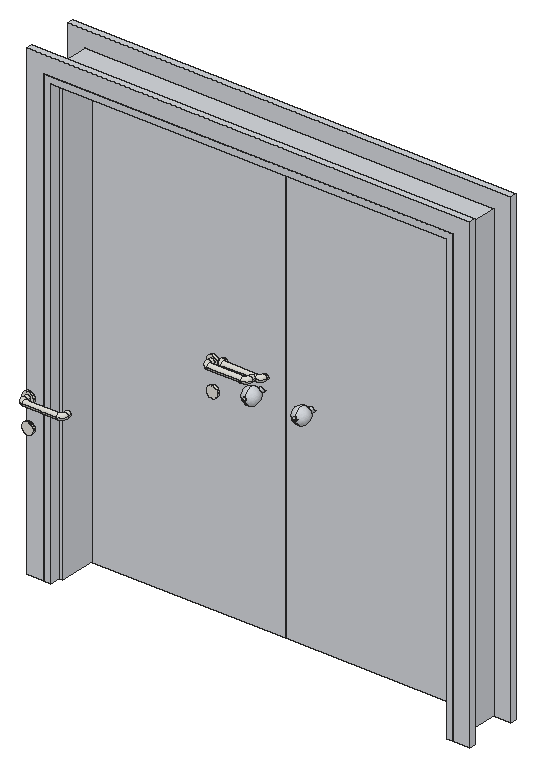
Revit family
Parameters
  프레임 투영 외부 = 25 mm
  프레임 투영 내부 = 25 mm
  프레임 폭 = 75 mm
  창호부호 = "SD"
  문틀재료 = "1.6 ST'L EGI PL\r\n"
  문틀마감 = "조합페인트"
  문짝재료 = "1.2mm ST'L EGI PL  양면\r\n"
  문짝마감 = "정전분체도장"
  문번호 = "2"
  Height = 2000 mm
  Wall Closure = (empty or 0)
  Width = 1800 mm
  Function = (empty or 0)
  Assembly Code = ""
Reference planes
  plane 1: y = 0
  plane 2 "중심(왼쪽/오른쪽)": x = 0
  plane 3 "왼쪽": x = -900
  plane 4 "오른쪽": x = 900
  plane 5: z = 2000
  plane 6 "외부": y = 100
  plane 7 "내부": y = -100
  plane 8 "축": x = 110
  plane 9: z = 940
  plane 10: y = 75
  plane 11: y = -75
  plane 12: x = -110
  plane 13: z = 940
Forms (mm)
  Extrusion 1, solid
    sketch origin (-3050, -100, 0) x (1, 0, 0) y (0, 0, 1)
      loop
        line (2075, 0) -> (2150, 0) -> (2150, 2000) -> (3950, 2000) -> (3950, 0) -> (4025, 0) -> (4025, 2075) -> (2075, 2075) -> (2075, 0)
    from 0 to 25
  Extrusion 2, solid
    sketch origin (-3050, 100, 0) x (-1, 0, 0) y (0, 0, 1)
      loop
        line (-2150, 0) -> (-2075, 0) -> (-2075, 2075) -> (-4025, 2075) -> (-4025, 0) -> (-3950, 0) -> (-3950, 2000) -> (-2150, 2000) -> (-2150, 0)
    from 0 to 25
  Sweep 3, solid
    path origin (0, -100, 0) x (1, 0, 0) y (0, 0, 1)
      loop
        line (-900, 0) -> (-900, 2000) -> (900, 2000) -> (900, 0)
    profile origin (-900, -100, 1000) x (-1, 0, 0) y (0, -1, 0)
      loop
        line (0, 25) -> (-30, 25) -> (-30, -20) -> (-45, -20) -> (-45, -180) -> (-30, -180) -> (-30, -225) -> (0, -225) -> (0, 25)
  Extrusion 4, solid
    sketch origin (0, 0, 0) x (1, 0, 0) y (0, 1, 0)
      loop
        line (0, 80) -> (870, 80) -> (870, 120) -> (0, 120) -> (0, 80)
    from 0 to 1970
  Revolve 5, solid
    sketch origin (110, -5, 0) x (0, -1, 0) y (0, 0, 1)
      loop
        arc (-144.576, 952.903) -> (-179.211, 974.937) -> (-210.957, 948.912) r 35
        line (-210.957, 948.912) -> (-207.421, 945.376) -> (-207.421, 940) -> (-2.579, 940) -> (-2.579, 945.376) -> (0.957, 948.912)
        arc (0.957, 948.912) -> (-30.789, 974.937) -> (-65.424, 952.903) r 35
        line (-65.424, 952.903) -> (-144.576, 952.903)
      axis (0.957, 940) -> (-210.957, 940)
    angle from 0 to 360
  Revolve 6, solid
    sketch origin (-110, -5, 0) x (0, -1, 0) y (0, 0, -1)
      loop
        line (-144.576, -952.903) -> (-65.424, -952.903)
        arc (-65.424, -952.903) -> (-30.789, -974.937) -> (0.957, -948.912) r 35
        line (0.957, -948.912) -> (-2.579, -945.376) -> (-2.579, -940) -> (-207.421, -940) -> (-207.421, -945.376) -> (-210.957, -948.912)
        arc (-210.957, -948.912) -> (-179.211, -974.937) -> (-144.576, -952.903) r 35
      axis (0.957, -940) -> (-210.957, -940)
    angle from 0 to 360
  Extrusion 7, solid
    sketch origin (0, 0, 0) x (-1, 0, 0) y (0, -1, 0)
      loop
        line (0, -80) -> (0, -120) -> (870, -120) -> (870, -80) -> (0, -80)
    from 0 to 1970
Lines and regions (mm)
  Opening 1
    outline origin (-3050, -100, 0) x (1, 0, 0) y (0, 0, 1)
      loop
        line (2150, 0) -> (3950, 0) -> (3950, 2000) -> (2150, 2000) -> (2150, 0)
  symbolic lines, style "입면도 스윙"
    curve 1: line (900, -100, 1000) -> (0, -100, 0)
    curve 2: line (900, 100, 1000) -> (0, 100, 1970)
    curve 7: line (-900, -100, 1000) -> (0, -100, 0)
    curve 8: line (-900, 100, 1000) -> (0, 100, 1970)
  symbolic lines, style "Doors"
    curve 3: line (870, 950, 0) -> (870, 80, 0)
    curve 4: line (830, 950, 0) -> (870, 950, 0)
    curve 5: line (830, 80, 0) -> (830, 950, 0)
    curve 6: line (870, 80, 0) -> (830, 80, 0)
    curve 9: arc (0, 80, 0) -> (254.817, 695.183, 0) -> (870, 950, 0) r 870
    curve 10: line (-870, 950, 0) -> (-870, 80, 0)
    curve 11: line (-830, 950, 0) -> (-870, 950, 0)
    curve 12: line (-830, 80, 0) -> (-830, 950, 0)
    curve 13: arc (0, 80, 0) -> (-254.817, 695.183, 0) -> (-870, 950, 0) r 870
Text (mm)
  text "Exterior" at (-2295.016, 1099.543, 0), in view "참조 레벨"
  text "Exterior" at (0, 1615.38, 3698.081), in view "왼쪽"
  text "Exterior" at (0, 1036.032, 3874.932), in view "오른쪽"
Dimensions and locks
  equal spacing: plane 3 "왼쪽", plane 2 "중심(왼쪽/오른쪽)", plane 4 "오른쪽"
  "Width": plane 3 "왼쪽" to plane 4 "오른쪽"
  "Height": plane 5 to host wall
  equal spacing: host wall, curve 1, plane 5
  equal spacing: host wall, curve 2, plane 5
  "프레임 투영 외부": Extrusion 2 to Extrusion 2
  "프레임 투영 내부": Extrusion 1 to Extrusion 1
  "프레임 폭": plane 3 "왼쪽" to Extrusion 1 sketch curve
  "프레임 폭": plane 4 "오른쪽" to Extrusion 1 sketch curve
  "프레임 폭": Extrusion 1 sketch curve to plane 5
  "프레임 폭": plane 4 "오른쪽" to Extrusion 2 sketch curve
  "프레임 폭": plane 3 "왼쪽" to Extrusion 2 sketch curve
  "프레임 폭": plane 5 to Extrusion 2 sketch curve
  locked: plane 6 "외부" to host wall at 0
  locked: plane 7 "내부" to host wall
  equal spacing: plane 12, plane 2 "중심(왼쪽/오른쪽)", plane 8 "축"
  aligned and locked: plane 3 "왼쪽" to Opening 1 sketch curve
  aligned and locked: plane 5 to Opening 1 sketch curve  (x2)
  aligned and locked: Opening 1 sketch curve to plane 4 "오른쪽"
  aligned and locked: Opening 1 sketch curve to level
  aligned and locked: level to Extrusion 1 sketch curve
  aligned and locked: plane 5 to Extrusion 1 sketch curve  (x2)
  aligned and locked: Extrusion 1 sketch curve to plane 4 "오른쪽"
  aligned and locked: Extrusion 1 sketch curve to plane 3 "왼쪽"
  aligned and locked: plane 3 "왼쪽" to Extrusion 2 sketch curve
  aligned and locked: plane 5 to Extrusion 2 sketch curve  (x2)
  aligned and locked: level to Extrusion 2 sketch curve
  aligned and locked: plane 1 to host wall
  aligned and locked: Extrusion 4 sketch curve to Sweep 3
  aligned and locked: Extrusion 4 to Sweep 3
  aligned and locked: Sweep 3 sketch curve to plane 5
  aligned and locked: Sweep 3 sketch curve to plane 4 "오른쪽"
  aligned and locked: plane 3 "왼쪽" to Sweep 3 sketch curve
  aligned and locked: Extrusion 4 sketch curve to plane 2 "중심(왼쪽/오른쪽)"
  aligned and locked: curve 1 to Extrusion 4
  aligned and locked: Extrusion 7 to Sweep 3
  aligned and locked: plane 2 "중심(왼쪽/오른쪽)" to Extrusion 7
  aligned and locked: Extrusion 4 to plane 2 "중심(왼쪽/오른쪽)"
Automatic sketch dimensions
  Extrusion 2 sketch curve to plane 4 "오른쪽" = 0 mm
  Extrusion 1 sketch curve to level = 0 mm
  Extrusion 2 sketch curve to level = 0 mm
  Sweep 3 sketch curve to level = 0 mm  (x2)
  Extrusion 4 sketch curve to host wall = 20 mm
  host wall to Extrusion 4 sketch curve = 20 mm
  Sweep 3 sketch curve to profile plane = 0 mm
  profile plane to Sweep 3 sketch curve = 30 mm  (x2)
  Sweep 3 sketch curve to Sweep 3 sketch curve = 15 mm
  Sweep 3 sketch curve to plane 7 "내부" = 225 mm
  Sweep 3 sketch curve to Sweep 3 sketch curve = 45 mm
  Sweep 3 sketch curve to plane 7 "내부" = 20 mm
  plane 7 "내부" to Sweep 3 sketch curve = 25 mm
  curve 2 to plane 2 "중심(왼쪽/오른쪽)" = 0 mm
  curve 1 to level = 0 mm
  curve 2 to plane 4 "오른쪽" = 0 mm
  curve 1 to plane 4 "오른쪽" = 0 mm
  plane 5 to curve 2 = 30 mm
  curve 7 to plane 3 "왼쪽" = 0 mm
  curve 8 to plane 3 "왼쪽" = 0 mm
  level to curve 7 = 1000 mm
  curve 8 to curve 7 = 0 mm
  Extrusion 7 sketch curve to plane 2 "중심(왼쪽/오른쪽)" = 0 mm
  Extrusion 7 sketch curve to plane 3 "왼쪽" = 30 mm
  host wall to Extrusion 7 sketch curve = 20 mm
  plane 10 to Extrusion 7 sketch curve = 5 mm
  curve 9 to plane 2 "중심(왼쪽/오른쪽)" = 0 mm
  plane 10 to curve 6 = 5 mm
  plane 4 "오른쪽" to curve 6 = 70 mm
  plane 4 "오른쪽" to curve 6 = 30 mm
  plane 10 to curve 9 = 5 mm
  curve 13 to plane 2 "중심(왼쪽/오른쪽)" = 0 mm
  curve 12 to plane 3 "왼쪽" = 70 mm
  curve 13 to plane 3 "왼쪽" = 30 mm
  plane 10 to curve 13 = 5 mm
  plane 10 to curve 12 = 5 mm
  curve 10 to curve 13 = 0 mm
  Revolve 5 sketch curve to plane 9 = 0 mm  (x4)
  host wall to Revolve 5 sketch curve = 116.634 mm
  Revolve 5 sketch curve to Revolve 5 sketch curve = 10.677 mm
  Revolve 5 sketch curve to plane 9 = 5.376 mm  (x2)
  Revolve 5 sketch curve to Revolve 5 sketch curve = 3.536 mm  (x3)
  Revolve 5 sketch curve to Revolve 5 sketch curve = 30.311 mm
  Revolve 5 sketch curve to Revolve 5 sketch curve = 32.535 mm
  host wall to Revolve 5 sketch curve = 20 mm
  Revolve 5 sketch curve to plane 10 = 14.576 mm
  Revolve 5 sketch curve to host wall = 27.89 mm
  host wall to Revolve 5 sketch curve = 2.421 mm
  Revolve 6 sketch curve to plane 13 = 0 mm  (x4)
  host wall to Revolve 6 sketch curve = 116.634 mm
  Revolve 6 sketch curve to Revolve 6 sketch curve = 10.677 mm
  Revolve 6 sketch curve to plane 13 = 5.376 mm  (x2)
  Revolve 6 sketch curve to Revolve 6 sketch curve = 3.536 mm  (x3)
  Revolve 6 sketch curve to Revolve 6 sketch curve = 30.311 mm
  Revolve 6 sketch curve to Revolve 6 sketch curve = 32.535 mm
  host wall to Revolve 6 sketch curve = 20 mm
  Revolve 6 sketch curve to plane 10 = 14.576 mm
  Revolve 6 sketch curve to host wall = 27.89 mm
  host wall to Revolve 6 sketch curve = 2.421 mm
Nested families
  nested 1: "KO_Door Handle" at (-270, 95, 0), type "KO_Door Handle"
  nested 2: "KO_Door Handle" at (-300, 55, 0), type "KO_Door Handle"
  nested 3: "KO_Door Handle" at (-635, -540, 0), type "KO_Door Handle"
Definition of nested family "KO_Door Handle"
  Reference planes
    plane 1 "중심(앞/뒤)": y = 0
    plane 2: z = 0
    plane 3 "중심(왼쪽/오른쪽)": x = 0
    plane 4 "하드웨어": z = 1000
  Forms (mm)
    Sweep 1, solid, material "하드웨어", detail levels fine
      path origin (0, 0, 1000) x (0, -1, 0) y (1, 0, 0)
        loop
          line (0, 0) -> (25, 0)
          arc (25, 0) -> (35.607, 4.393) -> (40, 15) r 15
          line (40, 15) -> (40, 165)
          arc (40, 165) -> (35.607, 175.607) -> (25, 180) r 15
          line (25, 180) -> (10, 180)
      profile origin (0, -12.5, 0) x (1, 0, 0) y (0, 0, 1)
        loop
          circle (0, 1000) r 12
    Extrusion 2, solid, material "하드웨어", detail levels fine
      sketch origin (0, 0, 0) x (1, 0, 0) y (0, 0, 1)
        loop
          circle (1.5, 1000) r 25
      from 0 to 8
    Extrusion 3, solid, material "하드웨어", detail levels fine
      sketch origin (0, 0, -120) x (1, 0, 0) y (0, 0, 1)
        loop
          circle (1.5, 1000) r 25
      from 0 to 8
  Cuts and joins
    joined: Sweep 1, Extrusion 2
  Dimensions and locks
    locked: plane 4 "하드웨어" to plane 2 at 1000
    locked: plane 4 "하드웨어" to Extrusion 3 at 120
